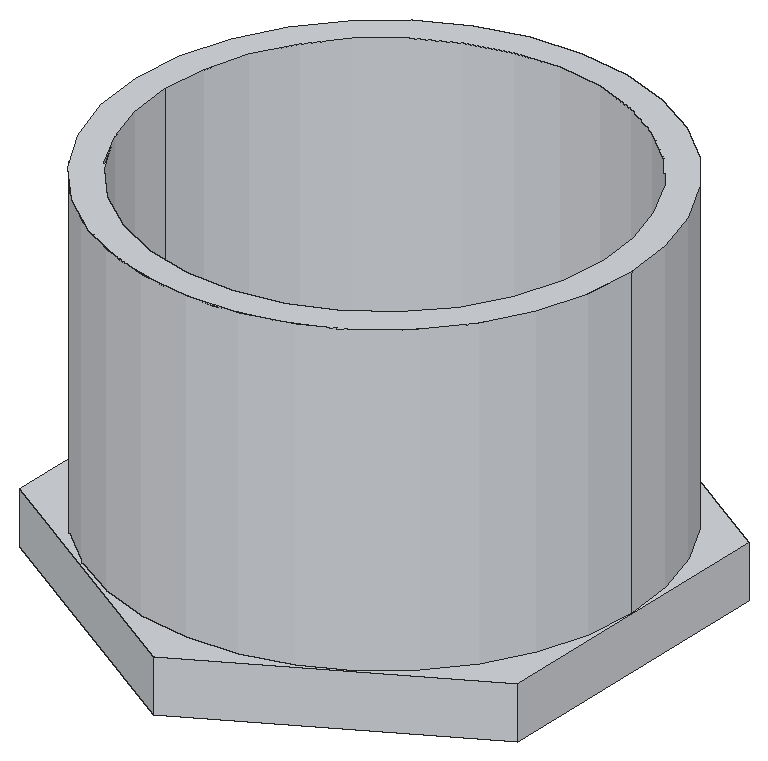
Revit family "MBBL2", category Generic Models, Revit 2017
Family settings
  Can host rebar = No
  Round Connector Dimension = Use Diameter
  Part Type = Normal
  Work Plane-Based = Yes
  Always vertical = No
  Cut with Voids When Loaded = No
  Shared = No
  Room Calculation Point = No
Parameters (values of type "NBS Standard Parameters")
  Weight = "0.0179Kg"
  WarrantyStartDate [instance] = "1900-12-31T23:59:59"
  WarrantyGuarantorParts = "n/a"
  WarrantyGuarantorLabor = "n/a"
  WarrantyDurationUnit = "1 year"
  WarrantyDurationParts = "1 Y"
  WarrantyDurationLabor = "n/a"
  WarrantyDescription = "n/a"
  Version = "1"
  Uniclass2 = "Pr_65_70_11_20"
  TagNumber [instance] = "n/a"
  SustainabilityPerformance = "n/a"
  Size = "25mm"
  Shape = "Circular"
  SerialNumber [instance] = "n/a"
  Revision = "n/a"
  ReplacementCost = "n/a"
  ProductInformation = "www.metpro.co.uk/pdf/mbbl2.pdf"
  NominalWidth = 26 mm
  NominalLength = 26 mm
  NominalHeight = 18.8 mm
  Name = ""
  NBSTypeID = ""
  NBSReference = "90-55-10/460"
  NBSOfficeMasterTag = ""
  NBSNote = ""
  NBSDescription = "Conduit Fittings"
  NBSCertification = ""
  ModelReference = "MBBL2"
  ModelNumber = "n/a"
  Material = "Brass"
  ManufacturerURL = "www.metpro.co.uk"
  ManufacturerName = "Metpro Ltd"
  InstallationDate [instance] = "1900-12-31T23:59:59"
  IfcExportType = ""
  IfcExportAs = ""
  Grade = "n/a"
  Finish = "Self Colour"
  Features = "n/a"
  ExpectedLife = "n/a"
  DurationUnit = "year"
  Description = "MBBL2 - 25mm Male Brass Bush - Long"
  Default Elevation = 1219.2 mm
  Constituents = "n/a"
  Color = "n/a"
  CodePerformance = "n/a"
  Category = "n/a"
  BarCode [instance] = "n/a"
  BIMObjectName = "metpro_metprolibrary_conduitfittings_metalcomponent_brassaccessories"
  Author = "Metpro Ltd"
  AssetType = "Fixed"
  AssetIdentifier [instance] = "n/a"
  AccessibilityPerformance = "n/a"
Reference planes
  plane 1 "Center (Front/Back)": y = 0
  plane 2: z = 0
  plane 3 "Center (Left/Right)": x = 0
Forms (mm)
  Extrusion 1, solid
    sketch origin (0, 0, 0) x (1, 0, 0) y (0, 1, 0)
      loop
        circle (8.689, 13.293) r 11.5
      loop
        line (21.737, 20.826) -> (8.689, 28.36) -> (-4.359, 20.826) -> (-4.359, 5.76) -> (8.689, -1.773) -> (21.737, 5.76) -> (21.737, 20.826)
    from 0 to 2.72
  Extrusion 2, solid
    sketch origin (0, 0, 2.72) x (1, 0, 0) y (0, 1, 0)
      loop
        circle (8.689, 13.293) r 11.5
      loop
        circle (8.689, 13.293) r 12.969
    from 0 to 16
Dimensions and locks
  aligned and locked: level to plane 2
